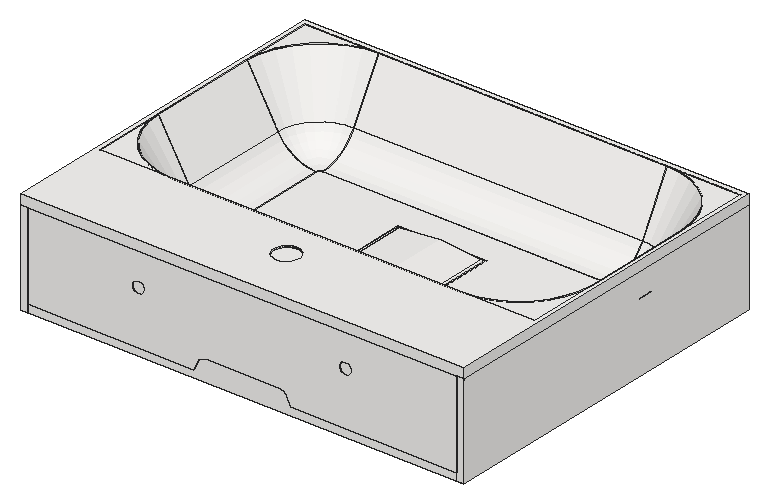
Revit family "Washbasins-hansgrohe-61092XXX-Xevolos E Washbasin 600_480 with tap hole without overflow, SmartClean", category Plumbing Fixtures, Revit 2019
Family settings
  Round Connector Dimension = Use Diameter
  Part Type = Valve - Breaks Into
  OmniClass Number = 23.31.13.00
  Work Plane-Based = No
  Always vertical = Yes
  Cut with Voids When Loaded = No
  Shared = Yes
  Room Calculation Point = No
Parameters
  X2 = 0
  X1 = 280
  WEIGHT = "17"
  UNSPSC = "301815 | Sanitary ware"
  UNIFORMATII = "D2010 | Plumbing Fixtures"
  UNICLASS_2015_CODE = "40_20_96"
  UNICLASS2015 = "Pr_40_20_96 | Wash basins, sinks and troughs"
  TYP = 1
  TAP = 1
  SURFACE = "GLOSSY_WHITE"
  SPECIFICATION = "Surfaces:  - 61092450 White   Specification:  • consists of: washbasin, waste set, cover  • material: ceramic  • SmartClean: dirt-repellent glaze • degree of gloss: glossy  • ceramic cover included • with one tap hole • without overflow • without shelf • non-closing waste set • 600 x 480 mm • type of installation: wall mounted  • suitable for cabinet"
  REGION = "Worldwide"
  PRODUCTURL = "https://pro.hansgrohe.com/articledetail--61092450"
  PRODUCTGROUP = "Washbasins"
  PRODUCTFAMILY = "Xevolos E"
  PERMALINK = "61092XXX"
  OMNICLASS = "23-31 13 00 | Sinks"
  OBJECTTYPE = "Object (single object)"
  NN = "Xevolos Washbasin"
  NBSYN = "$BASENUMBER.-$ARTNR.-$SURFACE.-$LODLEVEL."
  NB = "61092-61092450-GLOSSY_WHITE-400"
  NAME = "Xevolos E Washbasin 600/480 with tap hole without overflow, SmartClean"
  Model = "61092-61092450-GLOSSY_WHITE-400"
  Manufacturer = "Hansgrohe"
  MIdent = "{$CADENAS_DATA/23d-libs/hansgrohe/xevolos_washbasin/xevolos_washbasin.prj},221 {VTYP=3D},{NB=61092-61092450-GLOSSY_WHITE-400},{LINA=61092-61092450-GLOSSY_WHITE-400},{NN=Xevolos Washbasin},{DATE=13.03.2023 11:34:45},{GEOMDATE=13.03.2023 11:34:00},{VERSION=},{LINEID=10},{WBVAR=LODLEVEL},{WBNUMERIC=}  {NB=61092-61092450-GLOSSY_WHITE-400},{LINA=61092-61092450-GLOSSY_WHITE-400},{KT=DUMMY},{IDNR=5},{ARTNR=61092450},{BASENUMBER=61092},{MODEL=61092XXX},{SURFACE=GLOSSY_WHITE},{LODLEVEL=400},{LODLEVELX='400','400','200','200'},{L=600.000},{LI=370.000},{X1=280.000},{X2=0.000},{DO=46.000},{DOT=35.000},{TAP=1},{TYP=1},{NAME=Xevolos E Washbasin 600/480 with tap hole without overflow, SmartClean},{PERMALINK=61092XXX},{OBJECTTYPE=Object (single object)},{BIMOBJECT=Sanitary: Wash Basins},{PRODUCTFAMILY=Xevolos E},{PRODUCTGROUP=Washbasins},{WEIGHT=17},{DESCRIPTION=Xevolos E Washbasin 600/480 with tap hole without overflow, SmartClean},{SPECIFICATION=Surfaces:  - 61092450 White   Specification:  • consists of: washbasin, waste set, cover  • material: ceramic  • SmartClean: dirt-repellent glaze • degree of gloss: glossy  • ceramic cover included • with one tap hole • without overflow • without shelf • non-closing waste set • 600 x 480 mm • type of installation: wall mounted  • suitable for cabinet},{PRODUCTURL=https://pro.hansgrohe.com/articledetail--61092450},{GTINCODE=4059625420874},{IFC=Sanitary Terminal},{ETIM=EC011550 | Washbasin},{UNICLASS2015=Pr_40_20_96 | Wash basins, sinks and troughs},{OMNICLASS=23-31 13 00 | Sinks},{MASTERFORMAT=22 41 16.13 | Residential Lavatories},{UNSPSC=301815 | Sanitary ware},{UNIFORMATII=D2010 | Plumbing Fixtures},{REGION=Worldwide},{DESIGN=Germany},{MANUFACTURER=Germany}"
  MASTERFORMAT = "22 41 16.13 | Residential Lavatories"
  LODLEVEL = "400"
  LINA = "61092-61092450-GLOSSY_WHITE-400"
  LI = 370
  L = 600
  IFC = "Sanitary Terminal"
  GTINCODE = "4059625420874"
  ETIM = "EC011550 | Washbasin"
  DOT = 35
  DO = 46
  DESIGN = "Germany"
  CNSPipeRound/cp_Befestigungsanschluss_V = no
  CNSPipeRound/cp_Ausgang_1_V = no
  CATALOG = "Hansgrohe"
  BIMOBJECT = "Sanitary: Wash Basins"
  BASENUMBER = "61092"
  ARTNR = "61092450"
  61092-61092450-GLOSSY_WHITE-400_RX0RY0RZ0TX0TY0TZ0_V = yes
  61092-61092450-GLOSSY_WHITE-200_RX0RY0RZ0TX0TY0TZ0_V = yes
Types (3, lengths in mm): name | NB | Model | MIdent | LODLEVEL | LINA | 61092-61092450-GLOSSY_WHITE-400_RX0RY0RZ0TX0TY0TZ0_V | 61092-61092450-GLOSSY_WHITE-200_RX0RY0RZ0TX0TY0TZ0_V
  (no name) | "61092-61092450-GLOSSY_WHITE-400" | "61092-61092450-GLOSSY_WHITE-400" | "{$CADENAS_DATA/23d-libs/hansgrohe/xevolos_washbasin/xevolos_washbasin.prj},221 {VTYP=3D},{NB=61092-61092450-GLOSSY_WHITE-400},{LINA=61092-61092450-GLOSSY_WHITE-400},{NN=Xevolos Washbasin},{DATE=13.03.2023 11:34:45},{GEOMDATE=13.03.2023 11:34:00},{VERSION=},{LINEID=10},{WBVAR=LODLEVEL},{WBNUMERIC=}  {NB=61092-61092450-GLOSSY_WHITE-400},{LINA=61092-61092450-GLOSSY_WHITE-400},{KT=DUMMY},{IDNR=5},{ARTNR=61092450},{BASENUMBER=61092},{MODEL=61092XXX},{SURFACE=GLOSSY_WHITE},{LODLEVEL=400},{LODLEVELX='400','400','200','200'},{L=600.000},{LI=370.000},{X1=280.000},{X2=0.000},{DO=46.000},{DOT=35.000},{TAP=1},{TYP=1},{NAME=Xevolos E Washbasin 600/480 with tap hole without overflow, SmartClean},{PERMALINK=61092XXX},{OBJECTTYPE=Object (single object)},{BIMOBJECT=Sanitary: Wash Basins},{PRODUCTFAMILY=Xevolos E},{PRODUCTGROUP=Washbasins},{WEIGHT=17},{DESCRIPTION=Xevolos E Washbasin 600/480 with tap hole without overflow, SmartClean},{SPECIFICATION=Surfaces:  - 61092450 White   Specification:  • consists of: washbasin, waste set, cover  • material: ceramic  • SmartClean: dirt-repellent glaze • degree of gloss: glossy  • ceramic cover included • with one tap hole • without overflow • without shelf • non-closing waste set • 600 x 480 mm • type of installation: wall mounted  • suitable for cabinet},{PRODUCTURL=https://pro.hansgrohe.com/articledetail--61092450},{GTINCODE=4059625420874},{IFC=Sanitary Terminal},{ETIM=EC011550 | Washbasin},{UNICLASS2015=Pr_40_20_96 | Wash basins, sinks and troughs},{OMNICLASS=23-31 13 00 | Sinks},{MASTERFORMAT=22 41 16.13 | Residential Lavatories},{UNSPSC=301815 | Sanitary ware},{UNIFORMATII=D2010 | Plumbing Fixtures},{REGION=Worldwide},{DESIGN=Germany},{MANUFACTURER=Germany}" | "400" | "61092-61092450-GLOSSY_WHITE-400" | yes | yes
  61092-61092450-GLOSSY_WHITE-200 | "61092-61092450-GLOSSY_WHITE-200" | "61092-61092450-GLOSSY_WHITE-200" | "{$CADENAS_DATA/23d-libs/hansgrohe/xevolos_washbasin/xevolos_washbasin.prj},221 {VTYP=3D},{NB=61092-61092450-GLOSSY_WHITE-200},{LINA=61092-61092450-GLOSSY_WHITE-200},{NN=Xevolos Washbasin},{DATE=13.03.2023 11:34:45},{GEOMDATE=13.03.2023 11:34:00},{VERSION=},{LINEID=10},{WBVAR=LODLEVEL},{WBNUMERIC=}  {NB=61092-61092450-GLOSSY_WHITE-200},{LINA=61092-61092450-GLOSSY_WHITE-200},{KT=DUMMY},{IDNR=5},{ARTNR=61092450},{BASENUMBER=61092},{MODEL=61092XXX},{SURFACE=GLOSSY_WHITE},{LODLEVEL=200},{LODLEVELX='400','400','200','200'},{L=600.000},{LI=370.000},{X1=280.000},{X2=0.000},{DO=46.000},{DOT=35.000},{TAP=1},{TYP=1},{NAME=Xevolos E Washbasin 600/480 with tap hole without overflow, SmartClean},{PERMALINK=61092XXX},{OBJECTTYPE=Object (single object)},{BIMOBJECT=Sanitary: Wash Basins},{PRODUCTFAMILY=Xevolos E},{PRODUCTGROUP=Washbasins},{WEIGHT=17},{DESCRIPTION=Xevolos E Washbasin 600/480 with tap hole without overflow, SmartClean},{SPECIFICATION=Surfaces:  - 61092450 White   Specification:  • consists of: washbasin, waste set, cover  • material: ceramic  • SmartClean: dirt-repellent glaze • degree of gloss: glossy  • ceramic cover included • with one tap hole • without overflow • without shelf • non-closing waste set • 600 x 480 mm • type of installation: wall mounted  • suitable for cabinet},{PRODUCTURL=https://pro.hansgrohe.com/articledetail--61092450},{GTINCODE=4059625420874},{IFC=Sanitary Terminal},{ETIM=EC011550 | Washbasin},{UNICLASS2015=Pr_40_20_96 | Wash basins, sinks and troughs},{OMNICLASS=23-31 13 00 | Sinks},{MASTERFORMAT=22 41 16.13 | Residential Lavatories},{UNSPSC=301815 | Sanitary ware},{UNIFORMATII=D2010 | Plumbing Fixtures},{REGION=Worldwide},{DESIGN=Germany},{MANUFACTURER=Germany}" | "200" | "61092-61092450-GLOSSY_WHITE-200" | no | yes
  61092-61092450-GLOSSY_WHITE-400 | "61092-61092450-GLOSSY_WHITE-400" | "61092-61092450-GLOSSY_WHITE-400" | "{$CADENAS_DATA/23d-libs/hansgrohe/xevolos_washbasin/xevolos_washbasin.prj},221 {VTYP=3D},{NB=61092-61092450-GLOSSY_WHITE-400},{LINA=61092-61092450-GLOSSY_WHITE-400},{NN=Xevolos Washbasin},{DATE=13.03.2023 11:34:45},{GEOMDATE=13.03.2023 11:34:00},{VERSION=},{LINEID=10},{WBVAR=LODLEVEL},{WBNUMERIC=}  {NB=61092-61092450-GLOSSY_WHITE-400},{LINA=61092-61092450-GLOSSY_WHITE-400},{KT=DUMMY},{IDNR=5},{ARTNR=61092450},{BASENUMBER=61092},{MODEL=61092XXX},{SURFACE=GLOSSY_WHITE},{LODLEVEL=400},{LODLEVELX='400','400','200','200'},{L=600.000},{LI=370.000},{X1=280.000},{X2=0.000},{DO=46.000},{DOT=35.000},{TAP=1},{TYP=1},{NAME=Xevolos E Washbasin 600/480 with tap hole without overflow, SmartClean},{PERMALINK=61092XXX},{OBJECTTYPE=Object (single object)},{BIMOBJECT=Sanitary: Wash Basins},{PRODUCTFAMILY=Xevolos E},{PRODUCTGROUP=Washbasins},{WEIGHT=17},{DESCRIPTION=Xevolos E Washbasin 600/480 with tap hole without overflow, SmartClean},{SPECIFICATION=Surfaces:  - 61092450 White   Specification:  • consists of: washbasin, waste set, cover  • material: ceramic  • SmartClean: dirt-repellent glaze • degree of gloss: glossy  • ceramic cover included • with one tap hole • without overflow • without shelf • non-closing waste set • 600 x 480 mm • type of installation: wall mounted  • suitable for cabinet},{PRODUCTURL=https://pro.hansgrohe.com/articledetail--61092450},{GTINCODE=4059625420874},{IFC=Sanitary Terminal},{ETIM=EC011550 | Washbasin},{UNICLASS2015=Pr_40_20_96 | Wash basins, sinks and troughs},{OMNICLASS=23-31 13 00 | Sinks},{MASTERFORMAT=22 41 16.13 | Residential Lavatories},{UNSPSC=301815 | Sanitary ware},{UNIFORMATII=D2010 | Plumbing Fixtures},{REGION=Worldwide},{DESIGN=Germany},{MANUFACTURER=Germany}" | "400" | "61092-61092450-GLOSSY_WHITE-400" | yes | no
Reference planes
  plane 1 "Center (Front/Back)": y = 0
  plane 2: z = 0
  plane 3 "Center (Left/Right)": x = 0
Dimensions and locks
  aligned and locked: level to plane 2
Nested families
  nested 1: "61092-61092450-glossy_white-200_content" at (0, 0, 0), visible <- "61092-61092450-GLOSSY_WHITE-200_RX0RY0RZ0TX0TY0TZ0_V", ContentVisible <- "61092-61092450-GLOSSY_WHITE-200_RX0RY0RZ0TX0TY0TZ0_V", type "61092-61092450-GLOSSY_WHITE-200_Content"
    with ContentVisible yes
  nested 2: "61092-61092450-glossy_white-400_content" at (0, 0, 0), visible <- "61092-61092450-GLOSSY_WHITE-400_RX0RY0RZ0TX0TY0TZ0_V", ContentVisible <- "61092-61092450-GLOSSY_WHITE-400_RX0RY0RZ0TX0TY0TZ0_V", type "61092-61092450-GLOSSY_WHITE-400_Content"
    with ContentVisible yes
  nested 3: "ConnectorHost2019" at (0, -220, 0), visible <- "CNSPipeRound/cp_Ausgang_1_V", type "ConnectorHost2019"
    with Visible no, TransZ 0 mm, TransY 220 mm, TransX 0 mm, ScaleZ 1 mm, ScaleY 1 mm, ScaleX 1 mm, RotZ 180.00°, RotY 360.00°, RotX 180.00°
  nested 4: "ConnectorHost2019" at (-1, -220, 0), visible <- "CNSPipeRound/cp_Befestigungsanschluss_V", type "ConnectorHost2019"
    with Visible no, TransZ 147 mm, TransY 0 mm, TransX 1 mm, ScaleZ 1 mm, ScaleY 1 mm, ScaleX 1 mm, RotZ 180.00°, RotY 360.00°, RotX 360.00°
Connectors
  piping at (0, 0, 0), diameter 46
    settings: on nested 3, index 1, connector inside diameter 609.6 mm, connector length 0 mm, flow factor 0, pipe flow 0.0 L/s, pressure drop 0.0 Pa, fitting loss kfactor 0, connector angle 0.00°, fixture units 0, engagement length 0 mm, angle of deflection 0.00°, flow configuration 0, flow direction 2, fitting loss method 0, system type 29, joint type 0, gender type 0, connector reference index -1, connector utility 0, adjustable connector no, is connector primary yes, connector description ""
  piping at (0, -220, 147), diameter 35
    settings: on nested 4, index 2, connector inside diameter 609.6 mm, connector length 0 mm, flow factor 0, pipe flow 0.0 L/s, pressure drop 0.0 Pa, fitting loss kfactor 0, connector angle 0.00°, fixture units 0, engagement length 0 mm, angle of deflection 0.00°, flow configuration 0, flow direction 2, fitting loss method 0, system type 29, joint type 0, gender type 0, connector reference index -1, connector utility 0, adjustable connector no, is connector primary no, connector description ""
Definition of nested family "61092-61092450-glossy_white-200_content"
  Parameters (values of type "61092-61092450-GLOSSY_WHITE-200_Content")
    X2 = 0
    X1 = 280
    WEIGHT = "17"
    UNSPSC = "301815 | Sanitary ware"
    UNIFORMATII = "D2010 | Plumbing Fixtures"
    UNICLASS_2015_CODE = "40_20_96"
    UNICLASS2015 = "Pr_40_20_96 | Wash basins, sinks and troughs"
    TYP = 1
    TAP = 1
    SURFACE = "GLOSSY_WHITE"
    SPECIFICATION = "Surfaces:  - 61092450 White   Specification:  • consists of: washbasin, waste set, cover  • material: ceramic  • SmartClean: dirt-repellent glaze • degree of gloss: glossy  • ceramic cover included • with one tap hole • without overflow • without shelf • non-closing waste set • 600 x 480 mm • type of installation: wall mounted  • suitable for cabinet"
    REGION = "Worldwide"
    PRODUCTURL = "https://pro.hansgrohe.com/articledetail--61092450"
    PRODUCTGROUP = "Washbasins"
    PRODUCTFAMILY = "Xevolos E"
    PERMALINK = "61092XXX"
    OMNICLASS = "23-31 13 00 | Sinks"
    OBJECTTYPE = "Object (single object)"
    NN = "Xevolos Washbasin"
    NBSYN = "$BASENUMBER.-$ARTNR.-$SURFACE.-$LODLEVEL."
    NB = "61092-61092450-GLOSSY_WHITE-200"
    NAME = "Xevolos E Washbasin 600/480 with tap hole without overflow, SmartClean"
    Model = "61092-61092450-GLOSSY_WHITE-200"
    Manufacturer = "Hansgrohe"
    MASTERFORMAT = "22 41 16.13 | Residential Lavatories"
    LODLEVEL = "200"
    LINA = "61092-61092450-GLOSSY_WHITE-200"
    LI = 370
    L = 600
    IFC = "Sanitary Terminal"
    GTINCODE = "4059625420874"
    ETIM = "EC011550 | Washbasin"
    Default Elevation = 1219.2 mm
    DOT = 35
    DO = 46
    DESIGN = "Germany"
    ContentVisible [instance] = yes
    CATALOG = "Hansgrohe"
    BIMOBJECT = "Sanitary: Wash Basins"
    BASENUMBER = "61092"
    ARTNR = "61092450"
  Reference planes
    plane 1 "Center (Front/Back)": y = 0
    plane 2: z = 0
    plane 3 "Center (Left/Right)": x = 0
  Forms (mm)
    Extrusion 1, solid, visible <- "ContentVisible", detail levels medium+fine
      sketch origin (0, -295, 147) x (-1, 0, 0) y (0, -1, 0)
        loop
          line (-300, -480) -> (300, -480) -> (300, 0) -> (-300, 0) -> (-300, -480)
      from -140 to 0
    Extrusion 2, void, detail levels medium+fine
      sketch origin (0, -295, 147) x (-1, 0, 0) y (0, -1, 0)
        loop
          line (-294, -126) -> (-294, -474) -> (294, -474) -> (294, -126) -> (-294, -126)
      from -102.5 to 0
    Extrusion 3, void, detail levels medium+fine
      sketch origin (0, -295, 147) x (-1, 0, 0) y (0, -1, 0)
        loop
          circle (0, -75) r 17.5
      from -1.5 to 1.5
    Extrusion 4, solid, visible <- "ContentVisible", detail levels medium+fine
      sketch origin (0, -295, 7) x (-1, 0, 0) y (0, -1, 0)
        loop
          circle (0, -295) r 34
      from -10 to 0
    Extrusion 5, solid, visible <- "ContentVisible", detail levels coarse
      sketch origin (0, -55, -3) x (1, 0, 0) y (0, 1, 0)
        loop
          line (-300, -240) -> (300, -240) -> (300, 240) -> (-300, 240) -> (-300, -240)
      from 0 to 150
  Cuts and joins
    Extrusion 2, Extrusion 3 cuts Extrusion 1
  Dimensions and locks
    aligned and locked: level to plane 2
Definition of nested family "61092-61092450-glossy_white-400_content"
  Parameters (values of type "61092-61092450-GLOSSY_WHITE-400_Content")
    X2 = 0
    X1 = 280
    WEIGHT = "17"
    UNSPSC = "301815 | Sanitary ware"
    UNIFORMATII = "D2010 | Plumbing Fixtures"
    UNICLASS_2015_CODE = "40_20_96"
    UNICLASS2015 = "Pr_40_20_96 | Wash basins, sinks and troughs"
    TYP = 1
    TAP = 1
    SURFACE = "GLOSSY_WHITE"
    SPECIFICATION = "Surfaces:  - 61092450 White   Specification:  • consists of: washbasin, waste set, cover  • material: ceramic  • SmartClean: dirt-repellent glaze • degree of gloss: glossy  • ceramic cover included • with one tap hole • without overflow • without shelf • non-closing waste set • 600 x 480 mm • type of installation: wall mounted  • suitable for cabinet"
    REGION = "Worldwide"
    PRODUCTURL = "https://pro.hansgrohe.com/articledetail--61092450"
    PRODUCTGROUP = "Washbasins"
    PRODUCTFAMILY = "Xevolos E"
    PERMALINK = "61092XXX"
    OMNICLASS = "23-31 13 00 | Sinks"
    OBJECTTYPE = "Object (single object)"
    NN = "Xevolos Washbasin"
    NBSYN = "$BASENUMBER.-$ARTNR.-$SURFACE.-$LODLEVEL."
    NB = "61092-61092450-GLOSSY_WHITE-400"
    NAME = "Xevolos E Washbasin 600/480 with tap hole without overflow, SmartClean"
    Model = "61092-61092450-GLOSSY_WHITE-400"
    Manufacturer = "Hansgrohe"
    MASTERFORMAT = "22 41 16.13 | Residential Lavatories"
    LODLEVEL = "400"
    LINA = "61092-61092450-GLOSSY_WHITE-400"
    LI = 370
    L = 600
    IFC = "Sanitary Terminal"
    GTINCODE = "4059625420874"
    ETIM = "EC011550 | Washbasin"
    Default Elevation = 1219.2 mm
    DOT = 35
    DO = 46
    DESIGN = "Germany"
    ContentVisible [instance] = yes
    CATALOG = "Hansgrohe"
    BIMOBJECT = "Sanitary: Wash Basins"
    BASENUMBER = "61092"
    ARTNR = "61092450"
  Reference planes
    plane 1 "Center (Front/Back)": y = 0
    plane 2: z = 0
    plane 3 "Center (Left/Right)": x = 0
  Forms (mm)
    Extrusion 1, solid, visible <- "ContentVisible", detail levels medium+fine
      sketch origin (0, -295, 7) x (0, 0, -1) y (0, -1, 0)
        loop
          line (-140, -474) -> (-121, -474) -> (-62.906, -440.46)
          arc (-62.906, -440.46) -> (-37.353, -414.906) -> (-28, -380) r 69.813
          line (-28, -380) -> (-37.5, -380)
          arc (-37.5, -380) -> (-45.58, -410.156) -> (-67.656, -432.232) r 60.313
          line (-67.656, -432.232) -> (-140, -474)
      from -195 to 195
    Revolve 2, solid, visible <- "ContentVisible", detail levels medium+fine
      sketch origin (-195, -295, 7) x (0, 0, -1) y (0, -1, 0)
        loop
          line (-140, -474) -> (-121, -474) -> (-62.906, -440.46)
          arc (-62.906, -440.46) -> (-37.353, -414.906) -> (-28, -380) r 69.813
          line (-28, -380) -> (-37.5, -380)
          arc (-37.5, -380) -> (-45.58, -410.156) -> (-67.656, -432.232) r 60.313
          line (-67.656, -432.232) -> (-140, -474)
        axis (-140, -375) -> (-28, -375)
      angle from -90 to 0
    Extrusion 3, solid, visible <- "ContentVisible", detail levels medium+fine
      sketch origin (0, -70, 7) x (-1, 0, 0) y (0, 0, -1)
        loop
          line (200, -28) -> (200, -37.5)
          arc (200, -37.5) -> (230.156, -45.58) -> (252.232, -67.656) r 60.313
          line (252.232, -67.656) -> (294, -140) -> (294, -121) -> (260.46, -62.906)
          arc (260.46, -62.906) -> (234.906, -37.353) -> (200, -28) r 69.813
      from -150 to 0
    Revolve 4, solid, visible <- "ContentVisible", detail levels medium+fine
      sketch origin (-195, -295, 7) x (0, 0, -1) y (0, -1, 0)
        loop
          line (-140, -126) -> (-67.656, -167.768)
          arc (-67.656, -167.768) -> (-45.58, -189.844) -> (-37.5, -220) r 60.313
          line (-37.5, -220) -> (-28, -220)
          arc (-28, -220) -> (-37.353, -185.094) -> (-62.906, -159.54) r 69.813
          line (-62.906, -159.54) -> (-121, -126) -> (-140, -126)
        axis (-28, -225) -> (-140, -225)
      angle from -90 to 0
    Extrusion 5, solid, visible <- "ContentVisible", detail levels medium+fine
      sketch origin (0, -295, 7) x (0, 0, -1) y (0, -1, 0)
        loop
          line (-140, -126) -> (-67.656, -167.768)
          arc (-67.656, -167.768) -> (-45.58, -189.844) -> (-37.5, -220) r 60.313
          line (-37.5, -220) -> (-28, -220)
          arc (-28, -220) -> (-37.353, -185.094) -> (-62.906, -159.54) r 69.813
          line (-62.906, -159.54) -> (-121, -126) -> (-140, -126)
      from -195 to 195
    Revolve 6, solid, visible <- "ContentVisible", detail levels medium+fine
      sketch origin (195, -295, 7) x (0, 0, -1) y (0, -1, 0)
        loop
          line (-140, -126) -> (-67.656, -167.768)
          arc (-67.656, -167.768) -> (-45.58, -189.844) -> (-37.5, -220) r 60.313
          line (-37.5, -220) -> (-28, -220)
          arc (-28, -220) -> (-37.353, -185.094) -> (-62.906, -159.54) r 69.813
          line (-62.906, -159.54) -> (-121, -126) -> (-140, -126)
        axis (-28, -225) -> (-140, -225)
      angle from 0 to 90
    Extrusion 7, solid, visible <- "ContentVisible", detail levels medium+fine
      sketch origin (0, -70, 7) x (-1, 0, 0) y (0, 0, -1)
        loop
          line (-294, -121) -> (-294, -140) -> (-252.232, -67.656)
          arc (-252.232, -67.656) -> (-230.156, -45.58) -> (-200, -37.5) r 60.313
          line (-200, -37.5) -> (-200, -28)
          arc (-200, -28) -> (-234.906, -37.353) -> (-260.46, -62.906) r 69.813
          line (-260.46, -62.906) -> (-294, -121)
      from -150 to 0
    Revolve 8, solid, visible <- "ContentVisible", detail levels medium+fine
      sketch origin (195, -295, 7) x (0, 0, -1) y (0, -1, 0)
        loop
          line (-140, -474) -> (-121, -474) -> (-62.906, -440.46)
          arc (-62.906, -440.46) -> (-37.353, -414.906) -> (-28, -380) r 69.813
          line (-28, -380) -> (-37.5, -380)
          arc (-37.5, -380) -> (-45.58, -410.156) -> (-67.656, -432.232) r 60.313
          line (-67.656, -432.232) -> (-140, -474)
        axis (-140, -375) -> (-28, -375)
      angle from 0 to 90
    Extrusion 9, solid, visible <- "ContentVisible", detail levels medium+fine
      sketch origin (0, -295, 35) x (-1, 0, 0) y (0, -1, 0)
        loop
          line (-200, -225) -> (-200, -375)
          arc (-200, -375) -> (-198.536, -378.536) -> (-195, -380) r 5
          line (-195, -380) -> (195, -380)
          arc (195, -380) -> (198.536, -378.536) -> (200, -375) r 5
          line (200, -375) -> (200, -225)
          arc (200, -225) -> (198.536, -221.464) -> (195, -220) r 5
          line (195, -220) -> (-195, -220)
          arc (-195, -220) -> (-198.536, -221.464) -> (-200, -225) r 5
        loop
          line (-60, -252.5) -> (-60, -337.5) -> (60, -337.5) -> (60, -252.5) -> (-60, -252.5)
      from 0 to 9.5
    Extrusion 10, solid, visible <- "ContentVisible", detail levels medium+fine
      sketch origin (0, -295, 147) x (-1, 0, 0) y (0, -1, 0)
        loop
          line (-300, -480) -> (300, -480) -> (300, 0) -> (-300, 0) -> (-300, -480)
        loop
          line (-294, -226) -> (-294, -374)
          arc (-294, -374) -> (-264.711, -444.711) -> (-194, -474) r 100
          line (-194, -474) -> (194, -474)
          arc (194, -474) -> (264.711, -444.711) -> (294, -374) r 100
          line (294, -374) -> (294, -226)
          arc (294, -226) -> (264.711, -155.289) -> (194, -126) r 100
          line (194, -126) -> (-194, -126)
          arc (-194, -126) -> (-264.711, -155.289) -> (-294, -226) r 100
      from -13 to 0
    Extrusion 11, solid, visible <- "ContentVisible", detail levels medium+fine
      sketch origin (0, -295, 134) x (-1, 0, 0) y (0, -1, 0)
        loop
          line (-300, -480) -> (300, -480) -> (300, 0) -> (290, 0) -> (290, -470) -> (-290, -470) -> (-290, 0) -> (-300, 0) -> (-300, -480)
      from -127 to 0
    Extrusion 12, solid, visible <- "ContentVisible", detail levels medium+fine
      sketch origin (0, -295, 17) x (-1, 0, 0) y (0, -1, 0)
        loop
          line (-290, -35) -> (-290, -470) -> (290, -470) -> (290, -35) -> (250, -35) -> (250, -380)
          arc (250, -380) -> (235.355, -415.355) -> (200, -430) r 50
          line (200, -430) -> (-200, -430)
          arc (-200, -430) -> (-235.355, -415.355) -> (-250, -380) r 50
          line (-250, -380) -> (-250, -35) -> (-290, -35)
      from 0 to 50
    Extrusion 13, solid, visible <- "ContentVisible", detail levels medium+fine
      sketch origin (0, -295, 7) x (-1, 0, 0) y (0, 0, -1)
        loop
          line (-290, -10) -> (-290, -127) -> (290, -127) -> (290, -10) -> (65, -10) -> (59.568, -21.649)
          arc (59.568, -21.649) -> (55.509, -26.277) -> (49.599, -28) r 11
          line (49.599, -28) -> (-49.599, -28)
          arc (-49.599, -28) -> (-55.509, -26.277) -> (-59.568, -21.649) r 11
          line (-59.568, -21.649) -> (-65, -10) -> (-290, -10)
      from -35 to 0
    Extrusion 14, solid, visible <- "ContentVisible", detail levels medium+fine
      sketch origin (-185, -295, 7) x (0, 0, -1) y (0, -1, 0)
        loop
          line (-127, -35) -> (-127, -127.732) -> (-65.156, -163.437)
          arc (-65.156, -163.437) -> (-41.25, -187.344) -> (-32.5, -220) r 65.313
          line (-32.5, -220) -> (-32.5, -380)
          arc (-32.5, -380) -> (-39.303, -409.023) -> (-58.294, -432) r 65.313
          line (-58.294, -432) -> (-30.544, -432) -> (-10, -40) -> (-10, -35) -> (-127, -35)
      from 0 to 75
    Extrusion 15, solid, visible <- "ContentVisible", detail levels medium+fine
      sketch origin (185, -295, 7) x (0, 0, -1) y (0, -1, 0)
        loop
          line (-127, -35) -> (-127, -127.732) -> (-65.156, -163.437)
          arc (-65.156, -163.437) -> (-41.25, -187.344) -> (-32.5, -220) r 65.313
          line (-32.5, -220) -> (-32.5, -380)
          arc (-32.5, -380) -> (-39.303, -409.023) -> (-58.294, -432) r 65.313
          line (-58.294, -432) -> (-30.544, -432) -> (-10, -40) -> (-10, -35) -> (-127, -35)
      from -75 to 0
    Extrusion 16, solid, visible <- "ContentVisible", detail levels medium+fine
      sketch origin (0, -295, 17) x (-1, 0, 0) y (0, -1, 0)
        loop
          line (-72, -261.5) -> (-72, -328.5)
          arc (-72, -328.5) -> (-65.703, -343.703) -> (-50.5, -350) r 21.5
          line (-50.5, -350) -> (50.5, -350)
          arc (50.5, -350) -> (65.703, -343.703) -> (72, -328.5) r 21.5
          line (72, -328.5) -> (72, -261.5)
          arc (72, -261.5) -> (65.703, -246.297) -> (50.5, -240) r 21.5
          line (50.5, -240) -> (-50.5, -240)
          arc (-50.5, -240) -> (-65.703, -246.297) -> (-72, -261.5) r 21.5
      from 0 to 18
    Revolve 17, solid, visible <- "ContentVisible", detail levels medium+fine
      sketch origin (0, 0, 7) x (-1, 0, 0) y (0, 0, -1)
        loop
          line (23, -4.5) -> (42.5, -27.441) -> (42.5, -10) -> (34, 0) -> (34, 7) -> (23, 7) -> (23, -4.5)
        axis (0, -27.441) -> (0, 7)
      angle from -360 to 0
    Extrusion 18, solid, visible <- "ContentVisible", detail levels medium+fine
      sketch origin (0, -295, -3) x (-1, 0, 0) y (0, -1, 0)
        loop
          circle (0, -295) r 7.5
      from 0 to 41
    Extrusion 19, solid, visible <- "ContentVisible", detail levels medium+fine
      sketch origin (0, -295, 38) x (-1, 0, 0) y (0, -1, 0)
        loop
          circle (0, -295) r 32.5
      from 0 to 2
    Extrusion 20, solid, visible <- "ContentVisible", detail levels medium+fine
      sketch origin (0, 0, 7) x (-1, 0, 0) y (0, 0, -1)
        loop
          arc (-54.85, -33) -> (-57.5, -35.65) -> (-54.85, -38.3) r 2.65
          arc (-54.85, -38.3) -> (0, -43.036) -> (54.85, -38.3) r 320
          arc (54.85, -38.3) -> (57.5, -35.65) -> (54.85, -33) r 2.65
          line (54.85, -33) -> (-54.85, -33)
      from -40 to 40
    Extrusion 21, void, detail levels medium+fine
      sketch origin (0, -295, 133) x (-1, 0, 0) y (0, -1, 0)
        loop
          circle (0, -75) r 17.5
      from 0 to 15
    Extrusion 22, void, detail levels medium+fine
      sketch origin (0, -295, 7) x (-1, 0, 0) y (0, 0, -1)
        loop
          circle (140, -83) r 8
      from -30 to 30
    Extrusion 23, void, detail levels medium+fine
      sketch origin (0, -295, 7) x (-1, 0, 0) y (0, 0, -1)
        loop
          circle (-140, -83) r 8
      from -30 to 30
    Extrusion 24, solid, visible <- "ContentVisible", detail levels coarse
      sketch origin (0, -55, -3) x (1, 0, 0) y (0, 1, 0)
        loop
          line (-300, -240) -> (300, -240) -> (300, 240) -> (-300, 240) -> (-300, -240)
      from 0 to 150
  Cuts and joins
    Extrusion 21, Extrusion 22, Extrusion 23 cuts Extrusion 1
    Extrusion 21, Extrusion 22, Extrusion 23 cuts Revolve 2
    Extrusion 21, Extrusion 22, Extrusion 23 cuts Extrusion 3
    Extrusion 21, Extrusion 22, Extrusion 23 cuts Revolve 4
    Extrusion 21, Extrusion 22, Extrusion 23 cuts Extrusion 5
    Extrusion 21, Extrusion 22, Extrusion 23 cuts Revolve 6
    Extrusion 21, Extrusion 22, Extrusion 23 cuts Extrusion 7
    Extrusion 21, Extrusion 22, Extrusion 23 cuts Revolve 8
    Extrusion 21, Extrusion 22, Extrusion 23 cuts Extrusion 9
    Extrusion 21, Extrusion 22, Extrusion 23 cuts Extrusion 10
    Extrusion 21, Extrusion 22, Extrusion 23 cuts Extrusion 11
    Extrusion 21, Extrusion 22, Extrusion 23 cuts Extrusion 12
    Extrusion 21, Extrusion 22, Extrusion 23 cuts Extrusion 13
    Extrusion 21, Extrusion 22, Extrusion 23 cuts Extrusion 14
    Extrusion 21, Extrusion 22, Extrusion 23 cuts Extrusion 15
    Extrusion 21, Extrusion 22, Extrusion 23 cuts Extrusion 16
    Extrusion 21, Extrusion 22, Extrusion 23 cuts Revolve 17
    Extrusion 21, Extrusion 22, Extrusion 23 cuts Extrusion 18
    Extrusion 21, Extrusion 22, Extrusion 23 cuts Extrusion 19
    Extrusion 21, Extrusion 22, Extrusion 23 cuts Extrusion 20
  Dimensions and locks
    aligned and locked: level to plane 2
